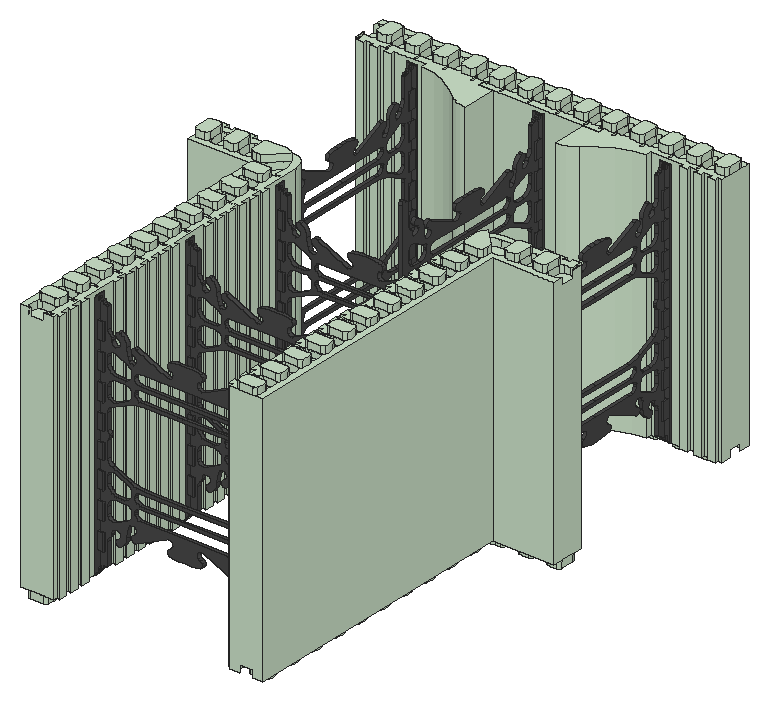
Revit family (continued)
Definition of nested family "NUDURA Diamond Pattern"
  Lines and regions (in)
    model lines
      curve 99: arc (3.35367, -5.625, 8.51517) -> (3.24384, -5.625, 8.25) -> (3.35367, -5.625, 7.98484) r 0.375
      curve 100: line (3.69709, -5.625, 8.85858) -> (3.35367, -5.625, 8.51517)
      curve 101: arc (4.17062, -5.625, 8.80178) -> (3.99384, -5.625, 8.875) -> (3.81706, -5.625, 8.80178) r 0.25
      curve 102: line (3.81706, -5.625, 8.80178) -> (3.44206, -5.625, 8.42678)
      curve 103: arc (3.44206, -5.625, 8.42678) -> (3.36884, -5.625, 8.25) -> (3.44206, -5.625, 8.07322) r 0.25
      curve 104: line (3.44206, -5.625, 8.07322) -> (3.81706, -5.625, 7.69822)
      curve 105: arc (3.81706, -5.625, 7.69822) -> (3.99384, -5.625, 7.625) -> (4.17062, -5.625, 7.69822) r 0.25
      curve 106: line (4.17062, -5.625, 7.69822) -> (4.54562, -5.625, 8.07322)
      curve 107: arc (4.54562, -5.625, 8.07322) -> (4.61884, -5.625, 8.25) -> (4.54562, -5.625, 8.42678) r 0.25
      curve 108: line (4.54562, -5.625, 8.42678) -> (4.17062, -5.625, 8.80178)
      curve 109: arc (3.69709, -5.625, 7.35858) -> (3.75567, -5.625, 7.5) -> (3.69709, -5.625, 7.64142) r 0.2
      curve 110: line (4.634, -5.625, 7.01517) -> (4.29059, -5.625, 7.35858)
      curve 111: arc (4.634, -5.625, 6.48484) -> (4.74384, -5.625, 6.75) -> (4.634, -5.625, 7.01517) r 0.375
      curve 112: line (4.29059, -5.625, 6.14142) -> (4.634, -5.625, 6.48484)
      curve 113: line (3.35367, -5.625, 6.48484) -> (3.69709, -5.625, 6.14142)
      curve 114: arc (3.35367, -5.625, 7.01517) -> (3.24384, -5.625, 6.75) -> (3.35367, -5.625, 6.48484) r 0.375
      curve 115: line (3.69709, -5.625, 7.35858) -> (3.35367, -5.625, 7.01517)
      curve 116: arc (4.17062, -5.625, 7.30178) -> (3.99384, -5.625, 7.375) -> (3.81706, -5.625, 7.30178) r 0.25
      curve 117: line (3.81706, -5.625, 7.30178) -> (3.44206, -5.625, 6.92678)
      curve 118: arc (3.44206, -5.625, 6.92678) -> (3.36884, -5.625, 6.75) -> (3.44206, -5.625, 6.57322) r 0.25
      curve 119: line (3.44206, -5.625, 6.57322) -> (3.81706, -5.625, 6.19822)
      curve 120: arc (3.81706, -5.625, 6.19822) -> (3.99384, -5.625, 6.125) -> (4.17062, -5.625, 6.19822) r 0.25
      curve 121: line (4.17062, -5.625, 6.19822) -> (4.54562, -5.625, 6.57322)
      curve 122: arc (4.54562, -5.625, 6.57322) -> (4.61884, -5.625, 6.75) -> (4.54562, -5.625, 6.92678) r 0.25
      curve 123: line (4.54562, -5.625, 6.92678) -> (4.17062, -5.625, 7.30178)
      curve 124: arc (3.69709, -5.625, 5.85858) -> (3.75567, -5.625, 6) -> (3.69709, -5.625, 6.14142) r 0.2
      curve 125: line (4.634, -5.625, 5.51517) -> (4.29059, -5.625, 5.85858)
      curve 126: arc (4.634, -5.625, 4.98484) -> (4.74384, -5.625, 5.25) -> (4.634, -5.625, 5.51517) r 0.375
      curve 127: line (4.29059, -5.625, 4.64142) -> (4.634, -5.625, 4.98484)
      curve 128: line (3.35367, -5.625, 4.98484) -> (3.69709, -5.625, 4.64142)
      curve 129: arc (3.35367, -5.625, 5.51517) -> (3.24384, -5.625, 5.25) -> (3.35367, -5.625, 4.98484) r 0.375
      curve 130: line (3.69709, -5.625, 5.85858) -> (3.35367, -5.625, 5.51517)
      curve 131: arc (4.17062, -5.625, 5.80178) -> (3.99384, -5.625, 5.875) -> (3.81706, -5.625, 5.80178) r 0.25
      curve 132: line (3.81706, -5.625, 5.80178) -> (3.44206, -5.625, 5.42678)
      curve 133: arc (3.44206, -5.625, 5.42678) -> (3.36884, -5.625, 5.25) -> (3.44206, -5.625, 5.07322) r 0.25
      curve 134: line (3.44206, -5.625, 5.07322) -> (3.81706, -5.625, 4.69822)
      curve 135: arc (3.81706, -5.625, 4.69822) -> (3.99384, -5.625, 4.625) -> (4.17062, -5.625, 4.69822) r 0.25
      curve 136: line (4.17062, -5.625, 4.69822) -> (4.54562, -5.625, 5.07322)
      curve 137: arc (4.54562, -5.625, 5.07322) -> (4.61884, -5.625, 5.25) -> (4.54562, -5.625, 5.42678) r 0.25
      curve 138: line (4.54562, -5.625, 5.42678) -> (4.17062, -5.625, 5.80178)
      curve 139: arc (3.69709, -5.625, 4.35858) -> (3.75567, -5.625, 4.5) -> (3.69709, -5.625, 4.64142) r 0.2
      curve 140: line (4.634, -5.625, 4.01517) -> (4.29059, -5.625, 4.35858)
      curve 141: arc (4.634, -5.625, 3.48484) -> (4.74384, -5.625, 3.75) -> (4.634, -5.625, 4.01517) r 0.375
      curve 142: line (4.29059, -5.625, 3.14142) -> (4.634, -5.625, 3.48484)
      curve 143: line (3.35367, -5.625, 3.48484) -> (3.69709, -5.625, 3.14142)
      curve 144: arc (3.35367, -5.625, 4.01517) -> (3.24384, -5.625, 3.75) -> (3.35367, -5.625, 3.48484) r 0.375
      curve 145: line (3.69709, -5.625, 4.35858) -> (3.35367, -5.625, 4.01517)
      curve 146: arc (4.17062, -5.625, 4.30178) -> (3.99384, -5.625, 4.375) -> (3.81706, -5.625, 4.30178) r 0.25
      curve 147: line (3.81706, -5.625, 4.30178) -> (3.44206, -5.625, 3.92678)
      curve 148: arc (3.44206, -5.625, 3.92678) -> (3.36884, -5.625, 3.75) -> (3.44206, -5.625, 3.57322) r 0.25
      curve 149: line (3.44206, -5.625, 3.57322) -> (3.81706, -5.625, 3.19822)
      curve 150: arc (3.81706, -5.625, 3.19822) -> (3.99384, -5.625, 3.125) -> (4.17062, -5.625, 3.19822) r 0.25
      curve 151: line (4.17062, -5.625, 3.19822) -> (4.54562, -5.625, 3.57322)
      curve 152: arc (4.54562, -5.625, 3.57322) -> (4.61884, -5.625, 3.75) -> (4.54562, -5.625, 3.92678) r 0.25
      curve 153: line (4.54562, -5.625, 3.92678) -> (4.17062, -5.625, 4.30178)
      curve 154: arc (3.69709, -5.625, 2.85858) -> (3.75567, -5.625, 3) -> (3.69709, -5.625, 3.14142) r 0.2
      curve 155: line (4.634, -5.625, 2.51517) -> (4.29059, -5.625, 2.85858)
      curve 156: arc (4.634, -5.625, 1.98484) -> (4.74384, -5.625, 2.25) -> (4.634, -5.625, 2.51517) r 0.375
      curve 157: line (4.29059, -5.625, 1.64142) -> (4.634, -5.625, 1.98484)
      curve 158: line (3.35367, -5.625, 1.98484) -> (3.69709, -5.625, 1.64142)
      curve 159: arc (3.35367, -5.625, 2.51517) -> (3.24384, -5.625, 2.25) -> (3.35367, -5.625, 1.98484) r 0.375
      curve 160: line (3.69709, -5.625, 2.85858) -> (3.35367, -5.625, 2.51517)
      curve 161: arc (4.17062, -5.625, 2.80178) -> (3.99384, -5.625, 2.875) -> (3.81706, -5.625, 2.80178) r 0.25
      curve 162: line (3.81706, -5.625, 2.80178) -> (3.44206, -5.625, 2.42678)
      curve 163: arc (3.44206, -5.625, 2.42678) -> (3.36884, -5.625, 2.25) -> (3.44206, -5.625, 2.07322) r 0.25
      curve 164: line (3.44206, -5.625, 2.07322) -> (3.81706, -5.625, 1.69822)
      curve 165: arc (3.81706, -5.625, 1.69822) -> (3.99384, -5.625, 1.625) -> (4.17062, -5.625, 1.69822) r 0.25
      curve 166: line (4.17062, -5.625, 1.69822) -> (4.54562, -5.625, 2.07322)
      curve 167: arc (4.54562, -5.625, 2.07322) -> (4.61884, -5.625, 2.25) -> (4.54562, -5.625, 2.42678) r 0.25
      curve 168: line (4.54562, -5.625, 2.42678) -> (4.17062, -5.625, 2.80178)
      curve 169: arc (3.69709, -5.625, 1.35858) -> (3.75567, -5.625, 1.5) -> (3.69709, -5.625, 1.64142) r 0.2
      curve 170: line (3.69709, -5.625, 1.35858) -> (3.35367, -5.625, 1.01517)
      curve 171: arc (3.35367, -5.625, 1.01517) -> (3.24384, -5.625, 0.75) -> (3.35367, -5.625, 0.48484) r 0.375
      curve 172: line (3.35367, -5.625, 0.48484) -> (3.72867, -5.625, 0.10984)
      curve 173: arc (3.72867, -5.625, 0.10984) -> (3.99384, -5.625, 0) -> (4.259, -5.625, 0.10984) r 0.375
      curve 174: line (4.259, -5.625, 0.10984) -> (4.634, -5.625, 0.48484)
      curve 175: arc (4.634, -5.625, 0.48484) -> (4.74384, -5.625, 0.75) -> (4.634, -5.625, 1.01517) r 0.375
      curve 176: line (4.634, -5.625, 1.01517) -> (4.29059, -5.625, 1.35858)
      curve 177: arc (4.29059, -5.625, 1.64142) -> (4.23201, -5.625, 1.5) -> (4.29059, -5.625, 1.35858) r 0.2
      curve 178: arc (4.17062, -5.625, 1.30178) -> (3.99384, -5.625, 1.375) -> (3.81706, -5.625, 1.30178) r 0.25
      curve 179: line (4.54562, -5.625, 0.92678) -> (4.17062, -5.625, 1.30178)
      curve 180: arc (4.54562, -5.625, 0.57322) -> (4.61884, -5.625, 0.75) -> (4.54562, -5.625, 0.92678) r 0.25
      curve 181: line (4.17062, -5.625, 0.19822) -> (4.54562, -5.625, 0.57322)
      curve 182: arc (3.81706, -5.625, 0.19822) -> (3.99384, -5.625, 0.125) -> (4.17062, -5.625, 0.19822) r 0.25
      curve 183: line (3.44206, -5.625, 0.57322) -> (3.81706, -5.625, 0.19822)
      curve 184: arc (3.44206, -5.625, 0.92678) -> (3.36884, -5.625, 0.75) -> (3.44206, -5.625, 0.57322) r 0.25
      curve 185: line (3.81706, -5.625, 1.30178) -> (3.44206, -5.625, 0.92678)
      curve 186: arc (4.29059, -5.625, 3.14142) -> (4.23201, -5.625, 3) -> (4.29059, -5.625, 2.85858) r 0.2
      curve 187: arc (4.29059, -5.625, 4.64142) -> (4.23201, -5.625, 4.5) -> (4.29059, -5.625, 4.35858) r 0.2
      curve 188: arc (4.29059, -5.625, 6.14142) -> (4.23201, -5.625, 6) -> (4.29059, -5.625, 5.85858) r 0.2
      curve 189: arc (4.29059, -5.625, 7.64142) -> (4.23201, -5.625, 7.5) -> (4.29059, -5.625, 7.35858) r 0.2
      curve 190: arc (4.29059, -5.625, 9.14142) -> (4.23201, -5.625, 9) -> (4.29059, -5.625, 8.85858) r 0.2
      curve 191: arc (4.29059, -5.625, 10.64142) -> (4.23201, -5.625, 10.5) -> (4.29059, -5.625, 10.35858) r 0.2
      curve 192: arc (4.29059, -5.625, 12.14142) -> (4.23201, -5.625, 12) -> (4.29059, -5.625, 11.85858) r 0.2
      curve 193: arc (4.29059, -5.625, 13.64142) -> (4.23201, -5.625, 13.5) -> (4.29059, -5.625, 13.35858) r 0.2
      curve 194: arc (4.29059, -5.625, 15.14142) -> (4.23201, -5.625, 15) -> (4.29059, -5.625, 14.85858) r 0.2
      curve 195: arc (4.29059, -5.625, 16.64142) -> (4.23201, -5.625, 16.5) -> (4.29059, -5.625, 16.35858) r 0.2
Definition of nested family "NUDURA Logo Diamond"
  Reference planes (in)
    plane 1 "Center (Front/Back)": y = 0
    plane 2: z = 0
    plane 3 "Center (Left/Right)": x = 0
  Lines and regions (in)
    model lines
      curve 1: line (12.59848, 0, 17.50104) -> (12.24492, 0, 17.85459)
      curve 2: line (12.36113, 0, 16.76872) -> (12.59848, 0, 17.00607)
      curve 3: line (12.59848, 0, 16.00104) -> (12.36113, 0, 16.23839)
      curve 4: line (12.36113, 0, 15.26872) -> (12.59848, 0, 15.50607)
      curve 5: line (12.59848, 0, 14.50104) -> (12.36113, 0, 14.73839)
      curve 6: line (12.36113, 0, 13.76872) -> (12.59848, 0, 14.00607)
      curve 7: line (12.17421, 0, 13.28388) -> (12.71208, 0, 12.74602)
      curve 8: line (12.71208, 0, 12.74602) -> (12.78279, 0, 12.81673)
      curve 9: line (11.28279, 0, 12.74602) -> (11.82066, 0, 13.28388)
      curve 10: line (11.63374, 0, 13.23839) -> (11.21208, 0, 12.81673)
      curve 11: line (11.3964, 0, 14.00607) -> (11.63374, 0, 13.76872)
      curve 12: line (11.63374, 0, 14.73839) -> (11.3964, 0, 14.50104)
      curve 13: line (11.3964, 0, 15.50607) -> (11.63374, 0, 15.26872)
      curve 14: line (11.63374, 0, 16.23839) -> (11.3964, 0, 16.00104)
      curve 15: line (11.3964, 0, 17.00607) -> (11.63374, 0, 16.76872)
      curve 16: line (11.74995, 0, 17.85459) -> (11.3964, 0, 17.50104)
      curve 17: line (11.82066, 0, 17.78388) -> (11.46711, 0, 17.43033)
      curve 18: line (12.52777, 0, 17.43033) -> (12.17421, 0, 17.78388)
      curve 19: line (12.17421, 0, 16.72322) -> (12.52777, 0, 17.07678)
      curve 20: line (11.46711, 0, 17.07678) -> (11.82066, 0, 16.72322)
      curve 21: arc (11.3964, 0, 17.50104) -> (11.29388, 0, 17.25355) -> (11.3964, 0, 17.00607) r 0.35
      curve 22: arc (11.74995, 0, 17.85459) -> (11.99744, 0, 17.95711) -> (12.24492, 0, 17.85459) r 0.35
      curve 23: arc (11.46711, 0, 17.43033) -> (11.39388, 0, 17.25355) -> (11.46711, 0, 17.07678) r 0.25
      curve 24: arc (12.52777, 0, 17.43033) -> (12.60099, 0, 17.25355) -> (12.52777, 0, 17.07678) r 0.25
      curve 25: arc (12.17421, 0, 16.72322) -> (11.99744, 0, 16.65) -> (11.82066, 0, 16.72322) r 0.25
      curve 26: arc (11.82066, 0, 17.78388) -> (11.99744, 0, 17.85711) -> (12.17421, 0, 17.78388) r 0.25
      curve 27: arc (12.59848, 0, 17.50104) -> (12.70099, 0, 17.25355) -> (12.59848, 0, 17.00607) r 0.35
      curve 28: arc (11.63374, 0, 16.76872) -> (11.74358, 0, 16.50355) -> (11.63374, 0, 16.23839) r 0.375
      curve 29: arc (12.36113, 0, 16.76872) -> (12.2513, 0, 16.50355) -> (12.36113, 0, 16.23839) r 0.375
      curve 30: line (12.36113, 0, 15.26872) -> (12.59848, 0, 15.50607)
      curve 31: line (11.3964, 0, 15.50607) -> (11.63374, 0, 15.26872)
      curve 32: line (11.82066, 0, 16.28388) -> (11.46711, 0, 15.93033)
      curve 33: line (12.52777, 0, 15.93033) -> (12.17421, 0, 16.28388)
      curve 34: line (12.17421, 0, 15.22322) -> (12.52777, 0, 15.57678)
      curve 35: line (11.46711, 0, 15.57678) -> (11.82066, 0, 15.22322)
      curve 36: arc (11.3964, 0, 16.00104) -> (11.29388, 0, 15.75355) -> (11.3964, 0, 15.50607) r 0.35
      curve 37: arc (11.46711, 0, 15.93033) -> (11.39388, 0, 15.75355) -> (11.46711, 0, 15.57678) r 0.25
      curve 38: arc (12.52777, 0, 15.93033) -> (12.60099, 0, 15.75355) -> (12.52777, 0, 15.57678) r 0.25
      curve 39: arc (12.17421, 0, 15.22322) -> (11.99744, 0, 15.15) -> (11.82066, 0, 15.22322) r 0.25
      curve 40: arc (11.82066, 0, 16.28388) -> (11.99744, 0, 16.35711) -> (12.17421, 0, 16.28388) r 0.25
      curve 41: arc (12.59848, 0, 16.00104) -> (12.70099, 0, 15.75355) -> (12.59848, 0, 15.50607) r 0.35
      curve 42: line (11.63374, 0, 16.23839) -> (11.3964, 0, 16.00104)
      curve 43: line (12.59848, 0, 16.00104) -> (12.36113, 0, 16.23839)
      curve 44: arc (11.63374, 0, 15.26872) -> (11.74358, 0, 15.00355) -> (11.63374, 0, 14.73839) r 0.375
      curve 45: arc (12.36113, 0, 15.26872) -> (12.2513, 0, 15.00355) -> (12.36113, 0, 14.73839) r 0.375
      curve 46: line (12.36113, 0, 13.76872) -> (12.59848, 0, 14.00607)
      curve 47: line (11.3964, 0, 14.00607) -> (11.63374, 0, 13.76872)
      curve 48: line (11.82066, 0, 14.78388) -> (11.46711, 0, 14.43033)
      curve 49: line (12.52777, 0, 14.43033) -> (12.17421, 0, 14.78388)
      curve 50: line (12.17421, 0, 13.72322) -> (12.52777, 0, 14.07678)
      curve 51: line (11.46711, 0, 14.07678) -> (11.82066, 0, 13.72322)
      curve 52: arc (11.3964, 0, 14.50104) -> (11.29388, 0, 14.25355) -> (11.3964, 0, 14.00607) r 0.35
      curve 53: arc (11.46711, 0, 14.43033) -> (11.39388, 0, 14.25355) -> (11.46711, 0, 14.07678) r 0.25
      curve 54: arc (12.52777, 0, 14.43033) -> (12.60099, 0, 14.25355) -> (12.52777, 0, 14.07678) r 0.25
      curve 55: arc (12.17421, 0, 13.72322) -> (11.99744, 0, 13.65) -> (11.82066, 0, 13.72322) r 0.25
      curve 56: arc (11.82066, 0, 14.78388) -> (11.99744, 0, 14.85711) -> (12.17421, 0, 14.78388) r 0.25
      curve 57: arc (12.59848, 0, 14.50104) -> (12.70099, 0, 14.25355) -> (12.59848, 0, 14.00607) r 0.35
      curve 58: line (11.63374, 0, 14.73839) -> (11.3964, 0, 14.50104)
      curve 59: arc (11.63374, 0, 13.76872) -> (11.74358, 0, 13.50355) -> (11.63374, 0, 13.23839) r 0.375
      curve 60: arc (12.36113, 0, 13.76872) -> (12.2513, 0, 13.50355) -> (12.36113, 0, 13.23839) r 0.375
      curve 61: line (12.78279, 0, 12.81673) -> (12.36113, 0, 13.23839)
      curve 62: line (11.21208, 0, 12.81673) -> (11.28279, 0, 12.74602)
      curve 63: arc (11.82066, 0, 13.28388) -> (11.99744, 0, 13.35711) -> (12.17421, 0, 13.28388) r 0.25
      curve 64: line (12.59848, 0, 0.50607) -> (12.24492, 0, 0.15251)
      curve 65: line (12.36113, 0, 1.23839) -> (12.59848, 0, 1.00104)
      curve 66: line (12.59848, 0, 2.00607) -> (12.36113, 0, 1.76872)
      curve 67: line (12.36113, 0, 2.73839) -> (12.59848, 0, 2.50104)
      curve 68: line (12.59848, 0, 3.50607) -> (12.36113, 0, 3.26872)
      curve 69: line (12.36113, 0, 4.23839) -> (12.59848, 0, 4.00104)
      curve 70: line (12.17421, 0, 4.72322) -> (12.71208, 0, 5.26109)
      curve 71: line (12.71208, 0, 5.26109) -> (12.78279, 0, 5.19038)
      curve 72: line (11.28279, 0, 5.26109) -> (11.82066, 0, 4.72322)
      curve 73: line (11.63374, 0, 4.76872) -> (11.21208, 0, 5.19038)
      curve 74: line (11.3964, 0, 4.00104) -> (11.63374, 0, 4.23839)
      curve 75: line (11.63374, 0, 3.26872) -> (11.3964, 0, 3.50607)
      curve 76: line (11.3964, 0, 2.50104) -> (11.63374, 0, 2.73839)
      curve 77: line (11.63374, 0, 1.76872) -> (11.3964, 0, 2.00607)
      curve 78: line (11.3964, 0, 1.00104) -> (11.63374, 0, 1.23839)
      curve 79: line (11.74995, 0, 0.15251) -> (11.3964, 0, 0.50607)
      curve 80: line (11.82066, 0, 0.22322) -> (11.46711, 0, 0.57678)
      curve 81: line (12.52777, 0, 0.57678) -> (12.17421, 0, 0.22322)
      curve 82: line (12.17421, 0, 1.28388) -> (12.52777, 0, 0.93033)
      curve 83: line (11.46711, 0, 0.93033) -> (11.82066, 0, 1.28388)
      curve 84: arc (11.3964, 0, 0.50607) -> (11.29388, 0, 0.75355) -> (11.3964, 0, 1.00104) r 0.35
      curve 85: arc (11.74995, 0, 0.15251) -> (11.99744, 0, 0.05) -> (12.24492, 0, 0.15251) r 0.35
      curve 86: arc (11.46711, 0, 0.57678) -> (11.39388, 0, 0.75355) -> (11.46711, 0, 0.93033) r 0.25
      curve 87: arc (12.52777, 0, 0.57678) -> (12.60099, 0, 0.75355) -> (12.52777, 0, 0.93033) r 0.25
      curve 88: arc (12.17421, 0, 1.28388) -> (11.99744, 0, 1.35711) -> (11.82066, 0, 1.28388) r 0.25
      curve 89: arc (11.82066, 0, 0.22322) -> (11.99744, 0, 0.15) -> (12.17421, 0, 0.22322) r 0.25
      curve 90: arc (12.59848, 0, 0.50607) -> (12.70099, 0, 0.75355) -> (12.59848, 0, 1.00104) r 0.35
      curve 91: arc (11.63374, 0, 1.23839) -> (11.74358, 0, 1.50355) -> (11.63374, 0, 1.76872) r 0.375
      curve 92: arc (12.36113, 0, 1.23839) -> (12.2513, 0, 1.50355) -> (12.36113, 0, 1.76872) r 0.375
      curve 93: line (12.36113, 0, 2.73839) -> (12.59848, 0, 2.50104)
      curve 94: line (11.3964, 0, 2.50104) -> (11.63374, 0, 2.73839)
      curve 95: line (11.82066, 0, 1.72322) -> (11.46711, 0, 2.07678)
      curve 96: line (12.52777, 0, 2.07678) -> (12.17421, 0, 1.72322)
      curve 97: line (12.17421, 0, 2.78388) -> (12.52777, 0, 2.43033)
      curve 98: line (11.46711, 0, 2.43033) -> (11.82066, 0, 2.78388)
      curve 99: arc (11.3964, 0, 2.00607) -> (11.29388, 0, 2.25355) -> (11.3964, 0, 2.50104) r 0.35
      curve 100: arc (11.46711, 0, 2.07678) -> (11.39388, 0, 2.25355) -> (11.46711, 0, 2.43033) r 0.25
      curve 101: arc (12.52777, 0, 2.07678) -> (12.60099, 0, 2.25355) -> (12.52777, 0, 2.43033) r 0.25
      curve 102: arc (12.17421, 0, 2.78388) -> (11.99744, 0, 2.85711) -> (11.82066, 0, 2.78388) r 0.25
      curve 103: arc (11.82066, 0, 1.72322) -> (11.99744, 0, 1.65) -> (12.17421, 0, 1.72322) r 0.25
      curve 104: arc (12.59848, 0, 2.00607) -> (12.70099, 0, 2.25355) -> (12.59848, 0, 2.50104) r 0.35
      curve 105: line (11.63374, 0, 1.76872) -> (11.3964, 0, 2.00607)
      curve 106: line (12.59848, 0, 2.00607) -> (12.36113, 0, 1.76872)
      curve 107: arc (11.63374, 0, 2.73839) -> (11.74358, 0, 3.00355) -> (11.63374, 0, 3.26872) r 0.375
      curve 108: arc (12.36113, 0, 2.73839) -> (12.2513, 0, 3.00355) -> (12.36113, 0, 3.26872) r 0.375
      curve 109: line (12.36113, 0, 4.23839) -> (12.59848, 0, 4.00104)
      curve 110: line (11.3964, 0, 4.00104) -> (11.63374, 0, 4.23839)
      curve 111: line (11.82066, 0, 3.22322) -> (11.46711, 0, 3.57678)
      curve 112: line (12.52777, 0, 3.57678) -> (12.17421, 0, 3.22322)
      curve 113: line (12.17421, 0, 4.28388) -> (12.52777, 0, 3.93033)
      curve 114: line (11.46711, 0, 3.93033) -> (11.82066, 0, 4.28388)
      curve 115: arc (11.3964, 0, 3.50607) -> (11.29388, 0, 3.75355) -> (11.3964, 0, 4.00104) r 0.35
      curve 116: arc (11.46711, 0, 3.57678) -> (11.39388, 0, 3.75355) -> (11.46711, 0, 3.93033) r 0.25
      curve 117: arc (12.52777, 0, 3.57678) -> (12.60099, 0, 3.75355) -> (12.52777, 0, 3.93033) r 0.25
      curve 118: arc (12.17421, 0, 4.28388) -> (11.99744, 0, 4.35711) -> (11.82066, 0, 4.28388) r 0.25
      curve 119: arc (11.82066, 0, 3.22322) -> (11.99744, 0, 3.15) -> (12.17421, 0, 3.22322) r 0.25
      curve 120: arc (12.59848, 0, 3.50607) -> (12.70099, 0, 3.75355) -> (12.59848, 0, 4.00104) r 0.35
      curve 121: line (11.63374, 0, 3.26872) -> (11.3964, 0, 3.50607)
      curve 122: arc (11.63374, 0, 4.23839) -> (11.74358, 0, 4.50355) -> (11.63374, 0, 4.76872) r 0.375
      curve 123: arc (12.36113, 0, 4.23839) -> (12.2513, 0, 4.50355) -> (12.36113, 0, 4.76872) r 0.375
      curve 124: line (12.78279, 0, 5.19038) -> (12.36113, 0, 4.76872)
      curve 125: line (11.21208, 0, 5.19038) -> (11.28279, 0, 5.26109)
      curve 126: arc (11.82066, 0, 4.72322) -> (11.99744, 0, 4.65) -> (12.17421, 0, 4.72322) r 0.25
      curve 127: line (12.37244, 0, 12.50355) -> (11.62244, 0, 12.50355)
      curve 128: line (12.74744, 0, 5.87855) -> (12.74744, 0, 12.12855)
      curve 129: line (11.24744, 0, 12.12855) -> (11.24744, 0, 5.87855)
      curve 130: line (11.62244, 0, 5.50355) -> (12.37244, 0, 5.50355)
      curve 131: line (12.47232, 0, 12.00355) -> (12.0393, 0, 12.25355)
      curve 132: line (12.47232, 0, 11.50355) -> (12.47232, 0, 12.00355)
      curve 133: line (12.25581, 0, 11.37855) -> (12.47232, 0, 11.50355)
      curve 134: line (12.02256, 0, 11.51322) -> (12.25581, 0, 11.37855)
      curve 135: line (12.22232, 0, 11.62855) -> (12.02256, 0, 11.51322)
      curve 136: line (11.80605, 0, 12.11888) -> (12.22232, 0, 11.87855)
      curve 137: line (12.22232, 0, 11.87855) -> (12.22232, 0, 11.62855)
      curve 138: line (12.0393, 0, 12.25355) -> (11.80605, 0, 12.11888)
      curve 139: line (11.77256, 0, 11.63822) -> (11.97232, 0, 11.75355)
      curve 140: line (11.97232, 0, 11.75355) -> (11.73906, 0, 11.88822)
      curve 141: line (11.73906, 0, 11.88822) -> (11.52256, 0, 11.76322)
      curve 142: line (11.52256, 0, 11.76322) -> (11.52256, 0, 11.26322)
      curve 143: line (11.77256, 0, 11.38822) -> (11.77256, 0, 11.63822)
      curve 144: line (12.18882, 0, 11.14789) -> (11.77256, 0, 11.38822)
      curve 145: line (11.95557, 0, 11.01322) -> (12.18882, 0, 11.14789)
      curve 146: line (11.52256, 0, 11.26322) -> (11.95557, 0, 11.01322)
      curve 147: line (12.31108, 0, 10.60411) -> (11.68379, 0, 10.74458)
      curve 148: line (11.68379, 0, 10.74458) -> (11.68379, 0, 10.51321)
      curve 149: line (11.68379, 0, 10.51321) -> (12.1295, 0, 10.41405)
      curve 150: line (12.1295, 0, 10.41405) -> (11.68379, 0, 10.27358)
      curve 151: line (11.68379, 0, 10.27358) -> (11.68379, 0, 9.8852)
      curve 152: line (11.68379, 0, 9.8852) -> (12.17077, 0, 9.77615)
      curve 153: line (12.17077, 0, 9.77615) -> (12.17077, 0, 9.74472)
      curve 154: line (12.17077, 0, 9.74472) -> (11.86146, 0, 9.80279)
      curve 155: line (11.68379, 0, 9.65536) -> (11.68379, 0, 9.35864)
      curve 156: line (12.07077, 0, 8.74385) -> (12.07077, 0, 8.99996)
      curve 157: line (12.07077, 0, 8.99996) -> (11.68379, 0, 9.08605)
      curve 158: line (11.68379, 0, 9.08605) -> (11.68379, 0, 8.47809)
      curve 159: line (11.91823, 0, 9.06589) -> (12.31108, 0, 8.97792)
      curve 160: line (11.82444, 0, 8.55476) -> (11.82444, 0, 8.79865)
      curve 161: line (11.82444, 0, 8.79865) -> (12.07077, 0, 8.74385)
      curve 162: line (11.68379, 0, 8.07193) -> (11.68379, 0, 7.77522)
      curve 163: line (11.91823, 0, 7.48247) -> (12.21108, 0, 7.41688)
      curve 164: line (12.21108, 0, 7.41688) -> (12.21108, 0, 6.95405)
      curve 165: line (12.16108, 0, 6.90405) -> (12.12077, 0, 6.90405)
      curve 166: line (12.07077, 0, 6.95405) -> (12.07077, 0, 7.08675)
      curve 167: line (12.07077, 0, 7.08675) -> (12.12077, 0, 7.07556)
      curve 168: line (12.12077, 0, 7.07556) -> (12.12077, 0, 7.33463)
      curve 169: line (12.12077, 0, 7.33463) -> (11.68379, 0, 7.43249)
      curve 170: line (11.68379, 0, 7.43249) -> (11.68379, 0, 7.17341)
      curve 171: line (11.68379, 0, 7.17341) -> (11.97077, 0, 7.10915)
      curve 172: line (11.97077, 0, 7.10915) -> (11.97077, 0, 6.99425)
      curve 173: line (11.92077, 0, 6.94425) -> (11.68379, 0, 6.94425)
      curve 174: line (11.68379, 0, 6.94425) -> (11.68379, 0, 6.45682)
      curve 175: line (11.68379, 0, 6.45682) -> (11.78284, 0, 6.38658)
      curve 176: line (11.78284, 0, 6.38658) -> (11.78284, 0, 6.05178)
      curve 177: line (12.12371, 0, 6.14486) -> (11.88284, 0, 6.31567)
      curve 178: line (11.88284, 0, 6.31567) -> (11.88284, 0, 6.07909)
      curve 179: line (11.88284, 0, 6.07909) -> (12.12371, 0, 6.14486)
      curve 180: line (11.78284, 0, 6.05178) -> (11.68379, 0, 6.02474)
      curve 181: line (11.68379, 0, 6.02474) -> (11.68379, 0, 5.75355)
      curve 182: line (11.68379, 0, 5.75355) -> (12.31108, 0, 5.92483)
      curve 183: line (12.31108, 0, 5.92483) -> (12.31108, 0, 6.28791)
      curve 184: line (12.31108, 0, 6.28791) -> (11.76249, 0, 6.67694)
      curve 185: line (11.76249, 0, 6.67694) -> (11.90321, 0, 6.67694)
      curve 186: line (12.31108, 0, 6.78674) -> (12.31108, 0, 7.63562)
      curve 187: line (12.31108, 0, 7.63562) -> (11.90258, 0, 7.7271)
      curve 188: line (11.82444, 0, 7.82469) -> (11.82444, 0, 7.92839)
      curve 189: line (11.88536, 0, 7.97718) -> (12.31108, 0, 7.88185)
      curve 190: line (12.31108, 0, 7.88185) -> (12.31108, 0, 8.13496)
      curve 191: line (12.31108, 0, 8.13496) -> (12.08042, 0, 8.17826)
      curve 192: line (12.31108, 0, 8.38353) -> (12.31108, 0, 8.9465)
      curve 193: line (12.31108, 0, 8.9465) -> (12.17077, 0, 8.97771)
      curve 194: line (12.17077, 0, 8.97771) -> (12.17077, 0, 8.55476)
      curve 195: line (12.31108, 0, 8.97792) -> (12.31108, 0, 9.21905)
      curve 196: line (12.31108, 0, 9.21905) -> (11.90258, 0, 9.31053)
      curve 197: line (11.82444, 0, 9.40811) -> (11.82444, 0, 9.51182)
      curve 198: line (11.87938, 0, 9.56195) -> (12.31108, 0, 9.46528)
      curve 199: line (12.31108, 0, 9.46528) -> (12.31108, 0, 9.98469)
      curve 200: line (12.31108, 0, 9.98469) -> (11.90664, 0, 10.07526)
      curve 201: line (11.90664, 0, 10.07526) -> (12.31108, 0, 10.20747)
      curve 202: line (12.31108, 0, 10.20747) -> (12.31108, 0, 10.60411)
      curve 203: arc (11.68379, 0, 9.65536) -> (11.73801, 0, 9.7708) -> (11.86146, 0, 9.80279) r 0.15
      curve 204: arc (11.68379, 0, 9.35864) -> (11.74962, 0, 9.17112) -> (11.91823, 0, 9.06589) r 0.3
      curve 205: arc (11.84417, 0, 8.22149) -> (11.72718, 0, 8.32679) -> (11.68379, 0, 8.47809) r 0.28547
      curve 206: arc (11.68379, 0, 8.07193) -> (11.73147, 0, 8.18158) -> (11.84417, 0, 8.22149) r 0.14992
      curve 207: arc (11.68379, 0, 7.77522) -> (11.74962, 0, 7.58769) -> (11.91823, 0, 7.48247) r 0.3
      curve 208: arc (11.82444, 0, 7.82469) -> (11.84638, 0, 7.76218) -> (11.90258, 0, 7.7271) r 0.1
      curve 209: arc (11.82444, 0, 7.92839) -> (11.84318, 0, 7.96742) -> (11.88536, 0, 7.97718) r 0.05
      curve 210: arc (12.12077, 0, 6.90405) -> (12.08541, 0, 6.91869) -> (12.07077, 0, 6.95405) r 0.05
      curve 211: arc (12.16108, 0, 6.90405) -> (12.19644, 0, 6.91869) -> (12.21108, 0, 6.95405) r 0.05
      curve 212: arc (11.97077, 0, 6.99425) -> (11.95612, 0, 6.95889) -> (11.92077, 0, 6.94425) r 0.05
      curve 213: arc (11.90321, 0, 6.67694) -> (11.96756, 0, 6.70069) -> (12.00104, 0, 6.76055) r 0.09904
      curve 214: arc (12.00104, 0, 6.76055) -> (12.1681, 0, 6.63117) -> (12.31108, 0, 6.78674) r 0.15613
      curve 215: arc (12.08042, 0, 8.17826) -> (12.24181, 0, 8.22914) -> (12.31108, 0, 8.38353) r 0.20667
      curve 216: arc (11.82444, 0, 8.55476) -> (11.9976, 0, 8.3816) -> (12.17077, 0, 8.55476) r 0.17317
      curve 217: arc (11.82444, 0, 9.40811) -> (11.84638, 0, 9.34561) -> (11.90258, 0, 9.31053) r 0.1
      curve 218: arc (11.82444, 0, 9.51182) -> (11.8459, 0, 9.55306) -> (11.892, 0, 9.55913) r 0.05034
      curve 219: arc (11.24744, 0, 12.12855) -> (11.35727, 0, 12.39372) -> (11.62244, 0, 12.50355) r 0.375
      curve 220: arc (12.37244, 0, 12.50355) -> (12.6376, 0, 12.39372) -> (12.74744, 0, 12.12855) r 0.375
      curve 221: arc (11.24744, 0, 5.87855) -> (11.35727, 0, 5.61339) -> (11.62244, 0, 5.50355) r 0.375
      curve 222: arc (12.37244, 0, 5.50355) -> (12.6376, 0, 5.61339) -> (12.74744, 0, 5.87855) r 0.375
      curve 223: line (9.99744, 0, 18) -> (9.99744, 0, 0)
      curve 224: line (13.99744, 0, 18) -> (13.99744, 0, 0)
      curve 225: line (15.99744, 0, 18) -> (15.99744, 0, 0)
Definition of nested family "NUDURA Diamond Pattern Missing Two Lines"
  Reference planes (in)
    plane 1 "Center (Front/Back)": y = 0
    plane 2: z = 0
    plane 3 "Center (Left/Right)": x = 0
    plane 4: z = 18
  Lines and regions (in)
    model lines
      curve 1: line (2, -5.625, 18) -> (2, -5.625, 0)
      curve 2: line (3.35367, -5.625, 16.98484) -> (3.69709, -5.625, 16.64142)
      curve 3: arc (3.35367, -5.625, 17.51517) -> (3.24384, -5.625, 17.25) -> (3.35367, -5.625, 16.98484) r 0.375
      curve 4: line (3.72867, -5.625, 17.89017) -> (3.35367, -5.625, 17.51517)
      curve 5: arc (4.259, -5.625, 17.89017) -> (3.99384, -5.625, 18) -> (3.72867, -5.625, 17.89017) r 0.375
      curve 6: line (4.634, -5.625, 17.51517) -> (4.259, -5.625, 17.89017)
      curve 7: arc (4.634, -5.625, 16.98484) -> (4.74384, -5.625, 17.25) -> (4.634, -5.625, 17.51517) r 0.375
      curve 8: line (4.29059, -5.625, 16.64142) -> (4.634, -5.625, 16.98484)
      curve 9: arc (4.17062, -5.625, 17.80178) -> (3.99384, -5.625, 17.875) -> (3.81706, -5.625, 17.80178) r 0.25
      curve 10: line (4.54562, -5.625, 17.42678) -> (4.17062, -5.625, 17.80178)
      curve 11: arc (4.54562, -5.625, 17.07322) -> (4.61884, -5.625, 17.25) -> (4.54562, -5.625, 17.42678) r 0.25
      curve 12: line (4.17062, -5.625, 16.69822) -> (4.54562, -5.625, 17.07322)
      curve 13: arc (3.81706, -5.625, 16.69822) -> (3.99384, -5.625, 16.625) -> (4.17062, -5.625, 16.69822) r 0.25
      curve 14: line (3.44206, -5.625, 17.07322) -> (3.81706, -5.625, 16.69822)
      curve 15: arc (3.44206, -5.625, 17.42678) -> (3.36884, -5.625, 17.25) -> (3.44206, -5.625, 17.07322) r 0.25
      curve 16: line (3.81706, -5.625, 17.80178) -> (3.44206, -5.625, 17.42678)
      curve 17: arc (3.69709, -5.625, 16.35858) -> (3.75567, -5.625, 16.5) -> (3.69709, -5.625, 16.64142) r 0.2
      curve 18: line (4.634, -5.625, 16.01517) -> (4.29059, -5.625, 16.35858)
      curve 19: arc (4.634, -5.625, 15.48484) -> (4.74384, -5.625, 15.75) -> (4.634, -5.625, 16.01517) r 0.375
      curve 20: line (4.29059, -5.625, 15.14142) -> (4.634, -5.625, 15.48484)
      curve 21: line (3.35367, -5.625, 15.48484) -> (3.69709, -5.625, 15.14142)
      curve 22: arc (3.35367, -5.625, 16.01517) -> (3.24384, -5.625, 15.75) -> (3.35367, -5.625, 15.48484) r 0.375
      curve 23: line (3.69709, -5.625, 16.35858) -> (3.35367, -5.625, 16.01517)
      curve 24: arc (4.17062, -5.625, 16.30178) -> (3.99384, -5.625, 16.375) -> (3.81706, -5.625, 16.30178) r 0.25
      curve 25: line (3.81706, -5.625, 16.30178) -> (3.44206, -5.625, 15.92678)
      curve 26: arc (3.44206, -5.625, 15.92678) -> (3.36884, -5.625, 15.75) -> (3.44206, -5.625, 15.57322) r 0.25
      curve 27: line (3.44206, -5.625, 15.57322) -> (3.81706, -5.625, 15.19822)
      curve 28: arc (3.81706, -5.625, 15.19822) -> (3.99384, -5.625, 15.125) -> (4.17062, -5.625, 15.19822) r 0.25
      curve 29: line (4.17062, -5.625, 15.19822) -> (4.54562, -5.625, 15.57322)
      curve 30: arc (4.54562, -5.625, 15.57322) -> (4.61884, -5.625, 15.75) -> (4.54562, -5.625, 15.92678) r 0.25
      curve 31: line (4.54562, -5.625, 15.92678) -> (4.17062, -5.625, 16.30178)
      curve 32: arc (3.69709, -5.625, 14.85858) -> (3.75567, -5.625, 15) -> (3.69709, -5.625, 15.14142) r 0.2
      curve 33: line (4.634, -5.625, 14.51517) -> (4.29059, -5.625, 14.85858)
      curve 34: arc (4.634, -5.625, 13.98484) -> (4.74384, -5.625, 14.25) -> (4.634, -5.625, 14.51517) r 0.375
      curve 35: line (4.29059, -5.625, 13.64142) -> (4.634, -5.625, 13.98484)
      curve 36: line (3.35367, -5.625, 13.98484) -> (3.69709, -5.625, 13.64142)
      curve 37: arc (3.35367, -5.625, 14.51517) -> (3.24384, -5.625, 14.25) -> (3.35367, -5.625, 13.98484) r 0.375
      curve 38: line (3.69709, -5.625, 14.85858) -> (3.35367, -5.625, 14.51517)
      curve 39: arc (4.17062, -5.625, 14.80178) -> (3.99384, -5.625, 14.875) -> (3.81706, -5.625, 14.80178) r 0.25
      curve 40: line (3.81706, -5.625, 14.80178) -> (3.44206, -5.625, 14.42678)
      curve 41: arc (3.44206, -5.625, 14.42678) -> (3.36884, -5.625, 14.25) -> (3.44206, -5.625, 14.07322) r 0.25
      curve 42: line (3.44206, -5.625, 14.07322) -> (3.81706, -5.625, 13.69822)
      curve 43: arc (3.81706, -5.625, 13.69822) -> (3.99384, -5.625, 13.625) -> (4.17062, -5.625, 13.69822) r 0.25
      curve 44: line (4.17062, -5.625, 13.69822) -> (4.54562, -5.625, 14.07322)
      curve 45: arc (4.54562, -5.625, 14.07322) -> (4.61884, -5.625, 14.25) -> (4.54562, -5.625, 14.42678) r 0.25
      curve 46: line (4.54562, -5.625, 14.42678) -> (4.17062, -5.625, 14.80178)
      curve 47: arc (3.69709, -5.625, 13.35858) -> (3.75567, -5.625, 13.5) -> (3.69709, -5.625, 13.64142) r 0.2
      curve 48: line (4.634, -5.625, 13.01517) -> (4.29059, -5.625, 13.35858)
      curve 49: arc (4.634, -5.625, 12.48484) -> (4.74384, -5.625, 12.75) -> (4.634, -5.625, 13.01517) r 0.375
      curve 50: line (4.29059, -5.625, 12.14142) -> (4.634, -5.625, 12.48484)
      curve 51: line (3.35367, -5.625, 12.48484) -> (3.69709, -5.625, 12.14142)
      curve 52: arc (3.35367, -5.625, 13.01517) -> (3.24384, -5.625, 12.75) -> (3.35367, -5.625, 12.48484) r 0.375
      curve 53: line (3.69709, -5.625, 13.35858) -> (3.35367, -5.625, 13.01517)
      curve 54: arc (4.17062, -5.625, 13.30178) -> (3.99384, -5.625, 13.375) -> (3.81706, -5.625, 13.30178) r 0.25
      curve 55: line (3.81706, -5.625, 13.30178) -> (3.44206, -5.625, 12.92678)
      curve 56: arc (3.44206, -5.625, 12.92678) -> (3.36884, -5.625, 12.75) -> (3.44206, -5.625, 12.57322) r 0.25
      curve 57: line (3.44206, -5.625, 12.57322) -> (3.81706, -5.625, 12.19822)
      curve 58: arc (3.81706, -5.625, 12.19822) -> (3.99384, -5.625, 12.125) -> (4.17062, -5.625, 12.19822) r 0.25
      curve 59: line (4.17062, -5.625, 12.19822) -> (4.54562, -5.625, 12.57322)
      curve 60: arc (4.54562, -5.625, 12.57322) -> (4.61884, -5.625, 12.75) -> (4.54562, -5.625, 12.92678) r 0.25
      curve 61: line (4.54562, -5.625, 12.92678) -> (4.17062, -5.625, 13.30178)
      curve 62: arc (3.69709, -5.625, 11.85858) -> (3.75567, -5.625, 12) -> (3.69709, -5.625, 12.14142) r 0.2
      curve 63: line (4.634, -5.625, 11.51517) -> (4.29059, -5.625, 11.85858)
      curve 64: arc (4.634, -5.625, 10.98484) -> (4.74384, -5.625, 11.25) -> (4.634, -5.625, 11.51517) r 0.375
      curve 65: line (4.29059, -5.625, 10.64142) -> (4.634, -5.625, 10.98484)
      curve 66: line (3.35367, -5.625, 10.98484) -> (3.69709, -5.625, 10.64142)
      curve 67: arc (3.35367, -5.625, 11.51517) -> (3.24384, -5.625, 11.25) -> (3.35367, -5.625, 10.98484) r 0.375
      curve 68: line (3.69709, -5.625, 11.85858) -> (3.35367, -5.625, 11.51517)
      curve 69: arc (4.17062, -5.625, 11.80178) -> (3.99384, -5.625, 11.875) -> (3.81706, -5.625, 11.80178) r 0.25
      curve 70: line (3.81706, -5.625, 11.80178) -> (3.44206, -5.625, 11.42678)
      curve 71: arc (3.44206, -5.625, 11.42678) -> (3.36884, -5.625, 11.25) -> (3.44206, -5.625, 11.07322) r 0.25
      curve 72: line (3.44206, -5.625, 11.07322) -> (3.81706, -5.625, 10.69822)
      curve 73: arc (3.81706, -5.625, 10.69822) -> (3.99384, -5.625, 10.625) -> (4.17062, -5.625, 10.69822) r 0.25
      curve 74: line (4.17062, -5.625, 10.69822) -> (4.54562, -5.625, 11.07322)
      curve 75: arc (4.54562, -5.625, 11.07322) -> (4.61884, -5.625, 11.25) -> (4.54562, -5.625, 11.42678) r 0.25
      curve 76: line (4.54562, -5.625, 11.42678) -> (4.17062, -5.625, 11.80178)
      curve 77: arc (3.69709, -5.625, 10.35858) -> (3.75567, -5.625, 10.5) -> (3.69709, -5.625, 10.64142) r 0.2
      curve 78: line (4.634, -5.625, 10.01517) -> (4.29059, -5.625, 10.35858)
      curve 79: arc (4.634, -5.625, 9.48484) -> (4.74384, -5.625, 9.75) -> (4.634, -5.625, 10.01517) r 0.375
      curve 80: line (4.29059, -5.625, 9.14142) -> (4.634, -5.625, 9.48484)
      curve 81: line (3.35367, -5.625, 9.48484) -> (3.69709, -5.625, 9.14142)
      curve 82: arc (3.35367, -5.625, 10.01517) -> (3.24384, -5.625, 9.75) -> (3.35367, -5.625, 9.48484) r 0.375
      curve 83: line (3.69709, -5.625, 10.35858) -> (3.35367, -5.625, 10.01517)
      curve 84: arc (4.17062, -5.625, 10.30178) -> (3.99384, -5.625, 10.375) -> (3.81706, -5.625, 10.30178) r 0.25
      curve 85: line (3.81706, -5.625, 10.30178) -> (3.44206, -5.625, 9.92678)
      curve 86: arc (3.44206, -5.625, 9.92678) -> (3.36884, -5.625, 9.75) -> (3.44206, -5.625, 9.57322) r 0.25
      curve 87: line (3.44206, -5.625, 9.57322) -> (3.81706, -5.625, 9.19822)
      curve 88: arc (3.81706, -5.625, 9.19822) -> (3.99384, -5.625, 9.125) -> (4.17062, -5.625, 9.19822) r 0.25
      curve 89: line (4.17062, -5.625, 9.19822) -> (4.54562, -5.625, 9.57322)
      curve 90: arc (4.54562, -5.625, 9.57322) -> (4.61884, -5.625, 9.75) -> (4.54562, -5.625, 9.92678) r 0.25
      curve 91: line (4.54562, -5.625, 9.92678) -> (4.17062, -5.625, 10.30178)
      curve 92: arc (3.69709, -5.625, 8.85858) -> (3.75567, -5.625, 9) -> (3.69709, -5.625, 9.14142) r 0.2
      curve 93: line (4.634, -5.625, 8.51517) -> (4.29059, -5.625, 8.85858)
      curve 94: arc (4.634, -5.625, 7.98484) -> (4.74384, -5.625, 8.25) -> (4.634, -5.625, 8.51517) r 0.375
      curve 95: line (4.29059, -5.625, 7.64142) -> (4.634, -5.625, 7.98484)
      curve 96: line (3.35367, -5.625, 7.98484) -> (3.69709, -5.625, 7.64142)
      curve 97: arc (3.35367, -5.625, 8.51517) -> (3.24384, -5.625, 8.25) -> (3.35367, -5.625, 7.98484) r 0.375
      curve 98: line (3.69709, -5.625, 8.85858) -> (3.35367, -5.625, 8.51517)
      curve 99: arc (4.17062, -5.625, 8.80178) -> (3.99384, -5.625, 8.875) -> (3.81706, -5.625, 8.80178) r 0.25
      curve 100: line (3.81706, -5.625, 8.80178) -> (3.44206, -5.625, 8.42678)
      curve 101: arc (3.44206, -5.625, 8.42678) -> (3.36884, -5.625, 8.25) -> (3.44206, -5.625, 8.07322) r 0.25
      curve 102: line (3.44206, -5.625, 8.07322) -> (3.81706, -5.625, 7.69822)
      curve 103: arc (3.81706, -5.625, 7.69822) -> (3.99384, -5.625, 7.625) -> (4.17062, -5.625, 7.69822) r 0.25
      curve 104: line (4.17062, -5.625, 7.69822) -> (4.54562, -5.625, 8.07322)
      curve 105: arc (4.54562, -5.625, 8.07322) -> (4.61884, -5.625, 8.25) -> (4.54562, -5.625, 8.42678) r 0.25
      curve 106: line (4.54562, -5.625, 8.42678) -> (4.17062, -5.625, 8.80178)
      curve 107: arc (3.69709, -5.625, 7.35858) -> (3.75567, -5.625, 7.5) -> (3.69709, -5.625, 7.64142) r 0.2
      curve 108: line (4.634, -5.625, 7.01517) -> (4.29059, -5.625, 7.35858)
      curve 109: arc (4.634, -5.625, 6.48484) -> (4.74384, -5.625, 6.75) -> (4.634, -5.625, 7.01517) r 0.375
      curve 110: line (4.29059, -5.625, 6.14142) -> (4.634, -5.625, 6.48484)
      curve 111: line (3.35367, -5.625, 6.48484) -> (3.69709, -5.625, 6.14142)
      curve 112: arc (3.35367, -5.625, 7.01517) -> (3.24384, -5.625, 6.75) -> (3.35367, -5.625, 6.48484) r 0.375
      curve 113: line (3.69709, -5.625, 7.35858) -> (3.35367, -5.625, 7.01517)
      curve 114: arc (4.17062, -5.625, 7.30178) -> (3.99384, -5.625, 7.375) -> (3.81706, -5.625, 7.30178) r 0.25
      curve 115: line (3.81706, -5.625, 7.30178) -> (3.44206, -5.625, 6.92678)
      curve 116: arc (3.44206, -5.625, 6.92678) -> (3.36884, -5.625, 6.75) -> (3.44206, -5.625, 6.57322) r 0.25
      curve 117: line (3.44206, -5.625, 6.57322) -> (3.81706, -5.625, 6.19822)
      curve 118: arc (3.81706, -5.625, 6.19822) -> (3.99384, -5.625, 6.125) -> (4.17062, -5.625, 6.19822) r 0.25
      curve 119: line (4.17062, -5.625, 6.19822) -> (4.54562, -5.625, 6.57322)
      curve 120: arc (4.54562, -5.625, 6.57322) -> (4.61884, -5.625, 6.75) -> (4.54562, -5.625, 6.92678) r 0.25
      curve 121: line (4.54562, -5.625, 6.92678) -> (4.17062, -5.625, 7.30178)
      curve 122: arc (3.69709, -5.625, 5.85858) -> (3.75567, -5.625, 6) -> (3.69709, -5.625, 6.14142) r 0.2
      curve 123: line (4.634, -5.625, 5.51517) -> (4.29059, -5.625, 5.85858)
      curve 124: arc (4.634, -5.625, 4.98484) -> (4.74384, -5.625, 5.25) -> (4.634, -5.625, 5.51517) r 0.375
      curve 125: line (4.29059, -5.625, 4.64142) -> (4.634, -5.625, 4.98484)
      curve 126: line (3.35367, -5.625, 4.98484) -> (3.69709, -5.625, 4.64142)
      curve 127: arc (3.35367, -5.625, 5.51517) -> (3.24384, -5.625, 5.25) -> (3.35367, -5.625, 4.98484) r 0.375
      curve 128: line (3.69709, -5.625, 5.85858) -> (3.35367, -5.625, 5.51517)
      curve 129: arc (4.17062, -5.625, 5.80178) -> (3.99384, -5.625, 5.875) -> (3.81706, -5.625, 5.80178) r 0.25
      curve 130: line (3.81706, -5.625, 5.80178) -> (3.44206, -5.625, 5.42678)
      curve 131: arc (3.44206, -5.625, 5.42678) -> (3.36884, -5.625, 5.25) -> (3.44206, -5.625, 5.07322) r 0.25
      curve 132: line (3.44206, -5.625, 5.07322) -> (3.81706, -5.625, 4.69822)
      curve 133: arc (3.81706, -5.625, 4.69822) -> (3.99384, -5.625, 4.625) -> (4.17062, -5.625, 4.69822) r 0.25
      curve 134: line (4.17062, -5.625, 4.69822) -> (4.54562, -5.625, 5.07322)
      curve 135: arc (4.54562, -5.625, 5.07322) -> (4.61884, -5.625, 5.25) -> (4.54562, -5.625, 5.42678) r 0.25
      curve 136: line (4.54562, -5.625, 5.42678) -> (4.17062, -5.625, 5.80178)
      curve 137: arc (3.69709, -5.625, 4.35858) -> (3.75567, -5.625, 4.5) -> (3.69709, -5.625, 4.64142) r 0.2
      curve 138: line (4.634, -5.625, 4.01517) -> (4.29059, -5.625, 4.35858)
      curve 139: arc (4.634, -5.625, 3.48484) -> (4.74384, -5.625, 3.75) -> (4.634, -5.625, 4.01517) r 0.375
      curve 140: line (4.29059, -5.625, 3.14142) -> (4.634, -5.625, 3.48484)
      curve 141: line (3.35367, -5.625, 3.48484) -> (3.69709, -5.625, 3.14142)
      curve 142: arc (3.35367, -5.625, 4.01517) -> (3.24384, -5.625, 3.75) -> (3.35367, -5.625, 3.48484) r 0.375
      curve 143: line (3.69709, -5.625, 4.35858) -> (3.35367, -5.625, 4.01517)
      curve 144: arc (4.17062, -5.625, 4.30178) -> (3.99384, -5.625, 4.375) -> (3.81706, -5.625, 4.30178) r 0.25
      curve 145: line (3.81706, -5.625, 4.30178) -> (3.44206, -5.625, 3.92678)
      curve 146: arc (3.44206, -5.625, 3.92678) -> (3.36884, -5.625, 3.75) -> (3.44206, -5.625, 3.57322) r 0.25
      curve 147: line (3.44206, -5.625, 3.57322) -> (3.81706, -5.625, 3.19822)
      curve 148: arc (3.81706, -5.625, 3.19822) -> (3.99384, -5.625, 3.125) -> (4.17062, -5.625, 3.19822) r 0.25
      curve 149: line (4.17062, -5.625, 3.19822) -> (4.54562, -5.625, 3.57322)
      curve 150: arc (4.54562, -5.625, 3.57322) -> (4.61884, -5.625, 3.75) -> (4.54562, -5.625, 3.92678) r 0.25
      curve 151: line (4.54562, -5.625, 3.92678) -> (4.17062, -5.625, 4.30178)
      curve 152: arc (3.69709, -5.625, 2.85858) -> (3.75567, -5.625, 3) -> (3.69709, -5.625, 3.14142) r 0.2
      curve 153: line (4.634, -5.625, 2.51517) -> (4.29059, -5.625, 2.85858)
      curve 154: arc (4.634, -5.625, 1.98484) -> (4.74384, -5.625, 2.25) -> (4.634, -5.625, 2.51517) r 0.375
      curve 155: line (4.29059, -5.625, 1.64142) -> (4.634, -5.625, 1.98484)
      curve 156: line (3.35367, -5.625, 1.98484) -> (3.69709, -5.625, 1.64142)
      curve 157: arc (3.35367, -5.625, 2.51517) -> (3.24384, -5.625, 2.25) -> (3.35367, -5.625, 1.98484) r 0.375
      curve 158: line (3.69709, -5.625, 2.85858) -> (3.35367, -5.625, 2.51517)
      curve 159: arc (4.17062, -5.625, 2.80178) -> (3.99384, -5.625, 2.875) -> (3.81706, -5.625, 2.80178) r 0.25
      curve 160: line (3.81706, -5.625, 2.80178) -> (3.44206, -5.625, 2.42678)
      curve 161: arc (3.44206, -5.625, 2.42678) -> (3.36884, -5.625, 2.25) -> (3.44206, -5.625, 2.07322) r 0.25
      curve 162: line (3.44206, -5.625, 2.07322) -> (3.81706, -5.625, 1.69822)
      curve 163: arc (3.81706, -5.625, 1.69822) -> (3.99384, -5.625, 1.625) -> (4.17062, -5.625, 1.69822) r 0.25
      curve 164: line (4.17062, -5.625, 1.69822) -> (4.54562, -5.625, 2.07322)
      curve 165: arc (4.54562, -5.625, 2.07322) -> (4.61884, -5.625, 2.25) -> (4.54562, -5.625, 2.42678) r 0.25
      curve 166: line (4.54562, -5.625, 2.42678) -> (4.17062, -5.625, 2.80178)
      curve 167: arc (3.69709, -5.625, 1.35858) -> (3.75567, -5.625, 1.5) -> (3.69709, -5.625, 1.64142) r 0.2
      curve 168: line (3.69709, -5.625, 1.35858) -> (3.35367, -5.625, 1.01517)
      curve 169: arc (3.35367, -5.625, 1.01517) -> (3.24384, -5.625, 0.75) -> (3.35367, -5.625, 0.48484) r 0.375
      curve 170: line (3.35367, -5.625, 0.48484) -> (3.72867, -5.625, 0.10984)
      curve 171: arc (3.72867, -5.625, 0.10984) -> (3.99384, -5.625, 0) -> (4.259, -5.625, 0.10984) r 0.375
      curve 172: line (4.259, -5.625, 0.10984) -> (4.634, -5.625, 0.48484)
      curve 173: arc (4.634, -5.625, 0.48484) -> (4.74384, -5.625, 0.75) -> (4.634, -5.625, 1.01517) r 0.375
      curve 174: line (4.634, -5.625, 1.01517) -> (4.29059, -5.625, 1.35858)
      curve 175: arc (4.29059, -5.625, 1.64142) -> (4.23201, -5.625, 1.5) -> (4.29059, -5.625, 1.35858) r 0.2
      curve 176: arc (4.17062, -5.625, 1.30178) -> (3.99384, -5.625, 1.375) -> (3.81706, -5.625, 1.30178) r 0.25
      curve 177: line (4.54562, -5.625, 0.92678) -> (4.17062, -5.625, 1.30178)
      curve 178: arc (4.54562, -5.625, 0.57322) -> (4.61884, -5.625, 0.75) -> (4.54562, -5.625, 0.92678) r 0.25
      curve 179: line (4.17062, -5.625, 0.19822) -> (4.54562, -5.625, 0.57322)
      curve 180: arc (3.81706, -5.625, 0.19822) -> (3.99384, -5.625, 0.125) -> (4.17062, -5.625, 0.19822) r 0.25
      curve 181: line (3.44206, -5.625, 0.57322) -> (3.81706, -5.625, 0.19822)
      curve 182: arc (3.44206, -5.625, 0.92678) -> (3.36884, -5.625, 0.75) -> (3.44206, -5.625, 0.57322) r 0.25
      curve 183: line (3.81706, -5.625, 1.30178) -> (3.44206, -5.625, 0.92678)
      curve 184: arc (4.29059, -5.625, 3.14142) -> (4.23201, -5.625, 3) -> (4.29059, -5.625, 2.85858) r 0.2
      curve 185: arc (4.29059, -5.625, 4.64142) -> (4.23201, -5.625, 4.5) -> (4.29059, -5.625, 4.35858) r 0.2
      curve 186: arc (4.29059, -5.625, 6.14142) -> (4.23201, -5.625, 6) -> (4.29059, -5.625, 5.85858) r 0.2
      curve 187: arc (4.29059, -5.625, 7.64142) -> (4.23201, -5.625, 7.5) -> (4.29059, -5.625, 7.35858) r 0.2
      curve 188: arc (4.29059, -5.625, 9.14142) -> (4.23201, -5.625, 9) -> (4.29059, -5.625, 8.85858) r 0.2
      curve 189: arc (4.29059, -5.625, 10.64142) -> (4.23201, -5.625, 10.5) -> (4.29059, -5.625, 10.35858) r 0.2
      curve 190: arc (4.29059, -5.625, 12.14142) -> (4.23201, -5.625, 12) -> (4.29059, -5.625, 11.85858) r 0.2
      curve 191: arc (4.29059, -5.625, 13.64142) -> (4.23201, -5.625, 13.5) -> (4.29059, -5.625, 13.35858) r 0.2
      curve 192: arc (4.29059, -5.625, 15.14142) -> (4.23201, -5.625, 15) -> (4.29059, -5.625, 14.85858) r 0.2
      curve 193: arc (4.29059, -5.625, 16.64142) -> (4.23201, -5.625, 16.5) -> (4.29059, -5.625, 16.35858) r 0.2
